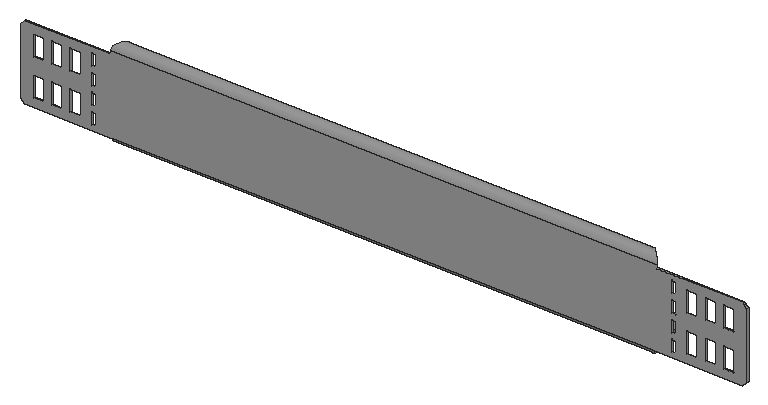
Revit family "Reduzierwinkel_Endabschluss RWEB 640 FS", category Generic Models, Revit 2017
Family settings
  Can host rebar = No
  Round Connector Dimension = Use Diameter
  Part Type = Normal
  Work Plane-Based = No
  Always vertical = Yes
  Cut with Voids When Loaded = No
  Shared = No
  Room Calculation Point = No
Parameters (values of type "RWEB 640 FS")
  URL = "http://www.obo-bettermann.com"
  Material = Strip galvanised
  Manufacturer Art.No. = "7109407"
  Manufacturer = "OBO BETTERMANN"
  GTIN = "4012196241873"
  Cut's number 3 = 3
  Cut's number 2 = 2
  Cut's number = 7
  Article Type = "RWEB 640 FS"
Reference planes
  plane 1 "Center (Front/Back)": y = 0
  plane 2: z = 0
  plane 3 "Center (Left/Right)": x = 0
  plane 4: y = 12.456
  plane 5: x = 495
  plane 6: x = 247.5
  plane 7: x = 73.96
  plane 8: x = 421.04
  plane 9: x = 247.5
  plane 10: x = 247.5
  plane 11: x = 421.04
  plane 12: x = 73.96
  plane 13: x = 73.755
  plane 14: x = 421.245
  plane 15: z = 2
  plane 16: z = 53
  plane 17: x = 73.755
  plane 18: x = 247.5
  plane 19: x = 73.96
  plane 20: x = 421.04
  plane 21: z = 27.5
  plane 22: y = 25
  plane 23: through (247.5, 25, 1200) normal (-0.7071, 0.7071, 0)
  plane 24: through (247.5, 25, 1200) normal (0.7071, -0.7071, 0)
  plane 25: y = 25
  plane 26: through (272.5, 25, 1200) normal (-0.7071, 0.7071, 0)
  plane 27: through (272.5, 25, 1200) normal (0.7071, -0.7071, 0)
  plane 28: y = 25
  plane 29: through (297.5, 25, 1200) normal (-0.7071, 0.7071, 0)
  plane 30: through (297.5, 25, 1200) normal (0.7071, -0.7071, 0)
  plane 31: y = 25
  plane 32: through (322.5, 25, 1200) normal (-0.7071, 0.7071, 0)
  plane 33: through (322.5, 25, 1200) normal (0.7071, -0.7071, 0)
  plane 34: y = 25
  plane 35: through (347.5, 25, 1200) normal (-0.7071, 0.7071, 0)
  plane 36: through (347.5, 25, 1200) normal (0.7071, -0.7071, 0)
  plane 37: y = 25
  plane 38: through (372.5, 25, 1200) normal (-0.7071, 0.7071, 0)
  plane 39: through (372.5, 25, 1200) normal (0.7071, -0.7071, 0)
  plane 40: y = 25
  plane 41: through (397.5, 25, 1200) normal (-0.7071, 0.7071, 0)
  plane 42: through (397.5, 25, 1200) normal (0.7071, -0.7071, 0)
  plane 43: y = 25
  plane 44: through (222.5, 25, 1200) normal (-0.7071, 0.7071, 0)
  plane 45: through (222.5, 25, 1200) normal (0.7071, -0.7071, 0)
  plane 46: y = 25
  plane 47: through (197.5, 25, 1200) normal (-0.7071, 0.7071, 0)
  plane 48: through (197.5, 25, 1200) normal (0.7071, -0.7071, 0)
  plane 49: y = 25
  plane 50: through (172.5, 25, 1200) normal (-0.7071, 0.7071, 0)
  plane 51: through (172.5, 25, 1200) normal (0.7071, -0.7071, 0)
  plane 52: y = 25
  plane 53: through (147.5, 25, 1200) normal (-0.7071, 0.7071, 0)
  plane 54: through (147.5, 25, 1200) normal (0.7071, -0.7071, 0)
  plane 55: y = 25
  plane 56: through (122.5, 25, 1200) normal (-0.7071, 0.7071, 0)
  plane 57: through (122.5, 25, 1200) normal (0.7071, -0.7071, 0)
  plane 58: y = 25
  plane 59: through (97.5, 25, 1200) normal (-0.7071, 0.7071, 0)
  plane 60: through (97.5, 25, 1200) normal (0.7071, -0.7071, 0)
  plane 61: z = 27.5
  plane 62: x = 12.5
  plane 63: z = 15
  plane 64: z = 52.5
  plane 65: x = 12.5
  plane 66: z = 40
  plane 67: z = 27.5
  plane 68: x = 24.97
  plane 69: z = 15
  plane 70: z = 52.5
  plane 71: x = 24.97
  plane 72: z = 40
  plane 73: z = 27.5
  plane 74: x = 37.441
  plane 75: z = 15
  plane 76: z = 52.5
  plane 77: x = 37.441
  plane 78: z = 40
  plane 79: z = 27.5
  plane 80: x = 482.5
  plane 81: z = 15
  plane 82: z = 52.5
  plane 83: x = 482.5
  plane 84: z = 40
  plane 85: z = 27.5
  plane 86: x = 470.03
  plane 87: z = 15
  plane 88: z = 52.5
  plane 89: x = 470.03
  plane 90: z = 40
  plane 91: z = 27.5
  plane 92: x = 457.559
  plane 93: z = 15
  plane 94: z = 52.5
  plane 95: x = 457.559
  plane 96: z = 40
  plane 97: x = 50
  plane 98: z = 49.5
  plane 99: x = 50
  plane 100: z = 37.456
  plane 101: x = 50
  plane 102: z = 25.462
  plane 103: x = 50
  plane 104: z = 13.467
  plane 105: x = 445
  plane 106: z = 49.5
  plane 107: x = 445
  plane 108: z = 37.456
  plane 109: x = 445
  plane 110: z = 25.462
  plane 111: x = 445
  plane 112: z = 13.467
Forms (mm)
  Extrusion 1, solid, material "Strip galvanised" <- "Material"
    sketch origin (0, 0, 0) x (0, 1, 0) y (0, 0, 1)
      loop
        line (2, 0) -> (40, 0) -> (40, 1) -> (2, 1)
        arc (2, 1) -> (1.293, 1.293) -> (1, 2) r 1
        line (1, 2) -> (1, 55)
        arc (1, 55) -> (3.708, 58.785) -> (8.165, 57.446) r 4
        line (8.165, 57.446) -> (11.749, 53.862) -> (12.456, 54.569) -> (8.914, 58.111)
        arc (8.914, 58.111) -> (3.353, 59.721) -> (0, 55) r 5
        line (0, 55) -> (0, 2)
        arc (0, 2) -> (0.586, 0.586) -> (2, 0) r 2
    from 0 to 495
  Extrusion 2, void
    sketch origin (0, 0, 0) x (1, 0, 0) y (0, 1, 0)
      loop
        line (73.96, 12.456) -> (0, 12.456) -> (0, 0) -> (61.504, 0) -> (73.96, 12.456)
    from 53.46 to 60.458
  Extrusion 3, void
    sketch origin (495, 0, 0) x (-1, 0, 0) y (0, -1, 0)
      loop
        line (73.96, -12.456) -> (61.504, 0) -> (0, 0) -> (0, -12.456) -> (73.96, -12.456)
    from 53 to 60.458
  Extrusion 4, void
    sketch origin (0, 0, 0) x (1, 0, 0) y (0, 1, 0)
      loop
        line (73.755, 40) -> (0, 40) -> (0, 1) -> (63.305, 1) -> (73.755, 40)
    from 0 to 1
  Extrusion 5, void
    sketch origin (495, 0, 0) x (-1, 0, 0) y (0, -1, 0)
      loop
        line (73.755, -40) -> (63.037, 0) -> (0, 0) -> (0, -40) -> (73.755, -40)
    from 0 to 2
  Extrusion 6, void
    sketch origin (0, 0, 0) x (1, 0, 0) y (0, 1, 0)
      loop
        line (73.755, 40) -> (0, 40) -> (0, 0) -> (63.037, 0) -> (73.755, 40)
    from 0 to 2
  Extrusion 7, void
    sketch origin (0, 0, 0) x (1, 0, 0) y (0, 1, 0)
      loop
        line (73.96, 12.456) -> (0, 12.456) -> (0, 0) -> (61.504, 0) -> (73.96, 12.456)
    from 53 to 60.458
  Extrusion 8, void
    sketch origin (0, 0, 0) x (1, 0, 0) y (0, 0, 1)
      loop
        line (0, 53) -> (0, 49.962) -> (3.038, 53) -> (0, 53)
    from 0 to -1
  Extrusion 9, void
    sketch origin (495, 0, 0) x (-1, 0, 0) y (0, 0, -1)
      loop
        line (0, -53) -> (3.038, -53) -> (0, -49.962) -> (0, -53)
    from 0 to -1
  Extrusion 10, void
    sketch origin (495, 0, 55) x (-1, 0, 0) y (0, 0, -1)
      loop
        line (0, 53) -> (0, 49.962) -> (3.038, 53) -> (0, 53)
    from 0 to -1
  Extrusion 11, void
    sketch origin (0, 0, 55) x (1, 0, 0) y (0, 0, 1)
      loop
        line (0, -53) -> (3.038, -53) -> (0, -49.962) -> (0, -53)
    from 0 to -1
  Extrusion 12, void
    sketch origin (0, 0, 0) x (1, 0, 0) y (0, 1, 0)
      loop
        line (253.887, 36.312) -> (236.207, 18.632)
        arc (236.207, 18.632) -> (236.19, 13.677) -> (241.146, 13.693) r 3.492
        line (241.146, 13.693) -> (258.825, 31.373)
        arc (258.825, 31.373) -> (258.825, 36.312) -> (253.887, 36.312) r 3.492
    from 0 to 1
  Extrusion 13, void
    sketch origin (25, 0, 0) x (1, 0, 0) y (0, 1, 0)
      loop
        line (253.887, 36.312) -> (236.207, 18.632)
        arc (236.207, 18.632) -> (236.19, 13.677) -> (241.146, 13.693) r 3.492
        line (241.146, 13.693) -> (258.825, 31.373)
        arc (258.825, 31.373) -> (258.825, 36.312) -> (253.887, 36.312) r 3.492
    from 0 to 1
  Extrusion 14, void
    sketch origin (50, 0, 0) x (1, 0, 0) y (0, 1, 0)
      loop
        line (253.887, 36.312) -> (236.207, 18.632)
        arc (236.207, 18.632) -> (236.19, 13.677) -> (241.146, 13.693) r 3.492
        line (241.146, 13.693) -> (258.825, 31.373)
        arc (258.825, 31.373) -> (258.825, 36.312) -> (253.887, 36.312) r 3.492
    from 0 to 1
  Extrusion 15, void
    sketch origin (75, 0, 0) x (1, 0, 0) y (0, 1, 0)
      loop
        line (253.887, 36.312) -> (236.207, 18.632)
        arc (236.207, 18.632) -> (236.19, 13.677) -> (241.146, 13.693) r 3.492
        line (241.146, 13.693) -> (258.825, 31.373)
        arc (258.825, 31.373) -> (258.825, 36.312) -> (253.887, 36.312) r 3.492
    from 0 to 1
  Extrusion 16, void
    sketch origin (100, 0, 0) x (1, 0, 0) y (0, 1, 0)
      loop
        line (253.887, 36.312) -> (236.207, 18.632)
        arc (236.207, 18.632) -> (236.19, 13.677) -> (241.146, 13.693) r 3.492
        line (241.146, 13.693) -> (258.825, 31.373)
        arc (258.825, 31.373) -> (258.825, 36.312) -> (253.887, 36.312) r 3.492
    from 0 to 1
  Extrusion 17, void
    sketch origin (125, 0, 0) x (1, 0, 0) y (0, 1, 0)
      loop
        line (253.887, 36.312) -> (236.207, 18.632)
        arc (236.207, 18.632) -> (236.19, 13.677) -> (241.146, 13.693) r 3.492
        line (241.146, 13.693) -> (258.825, 31.373)
        arc (258.825, 31.373) -> (258.825, 36.312) -> (253.887, 36.312) r 3.492
    from 0 to 1
  Extrusion 18, void
    sketch origin (150, 0, 0) x (1, 0, 0) y (0, 1, 0)
      loop
        line (253.887, 36.312) -> (236.207, 18.632)
        arc (236.207, 18.632) -> (236.19, 13.677) -> (241.146, 13.693) r 3.492
        line (241.146, 13.693) -> (258.825, 31.373)
        arc (258.825, 31.373) -> (258.825, 36.312) -> (253.887, 36.312) r 3.492
    from 0 to 1
  Extrusion 19, void
    sketch origin (-25, 0, 0) x (1, 0, 0) y (0, 1, 0)
      loop
        line (253.887, 36.312) -> (236.207, 18.632)
        arc (236.207, 18.632) -> (236.19, 13.677) -> (241.146, 13.693) r 3.492
        line (241.146, 13.693) -> (258.825, 31.373)
        arc (258.825, 31.373) -> (258.825, 36.312) -> (253.887, 36.312) r 3.492
    from 0 to 1
  Extrusion 20, void
    sketch origin (-50, 0, 0) x (1, 0, 0) y (0, 1, 0)
      loop
        line (253.887, 36.312) -> (236.207, 18.632)
        arc (236.207, 18.632) -> (236.19, 13.677) -> (241.146, 13.693) r 3.492
        line (241.146, 13.693) -> (258.825, 31.373)
        arc (258.825, 31.373) -> (258.825, 36.312) -> (253.887, 36.312) r 3.492
    from 0 to 1
  Extrusion 21, void
    sketch origin (-75, 0, 0) x (1, 0, 0) y (0, 1, 0)
      loop
        line (253.887, 36.312) -> (236.207, 18.632)
        arc (236.207, 18.632) -> (236.19, 13.677) -> (241.146, 13.693) r 3.492
        line (241.146, 13.693) -> (258.825, 31.373)
        arc (258.825, 31.373) -> (258.825, 36.312) -> (253.887, 36.312) r 3.492
    from 0 to 1
  Extrusion 22, void
    sketch origin (-100, 0, 0) x (1, 0, 0) y (0, 1, 0)
      loop
        line (253.887, 36.312) -> (236.207, 18.632)
        arc (236.207, 18.632) -> (236.19, 13.677) -> (241.146, 13.693) r 3.492
        line (241.146, 13.693) -> (258.825, 31.373)
        arc (258.825, 31.373) -> (258.825, 36.312) -> (253.887, 36.312) r 3.492
    from 0 to 1
  Extrusion 23, void
    sketch origin (-125, 0, 0) x (1, 0, 0) y (0, 1, 0)
      loop
        line (253.887, 36.312) -> (236.207, 18.632)
        arc (236.207, 18.632) -> (236.19, 13.677) -> (241.146, 13.693) r 3.492
        line (241.146, 13.693) -> (258.825, 31.373)
        arc (258.825, 31.373) -> (258.825, 36.312) -> (253.887, 36.312) r 3.492
    from 0 to 1
  Extrusion 24, void
    sketch origin (-150, 0, 0) x (1, 0, 0) y (0, 1, 0)
      loop
        line (253.887, 36.312) -> (236.207, 18.632)
        arc (236.207, 18.632) -> (236.19, 13.677) -> (241.146, 13.693) r 3.492
        line (241.146, 13.693) -> (258.825, 31.373)
        arc (258.825, 31.373) -> (258.825, 36.312) -> (253.887, 36.312) r 3.492
    from 0 to 1
  Extrusion 25, void
    sketch origin (0, 0, 0) x (1, 0, 0) y (0, 0, 1)
      loop
        line (9, 22) -> (9, 8) -> (16, 8) -> (16, 22) -> (9, 22)
    from 0 to -1
  Extrusion 26, void
    sketch origin (0, 0, 25) x (1, 0, 0) y (0, 0, 1)
      loop
        line (9, 22) -> (9, 8) -> (16, 8) -> (16, 22) -> (9, 22)
    from 0 to -1
  Extrusion 27, void
    sketch origin (12.47, 0, 0) x (1, 0, 0) y (0, 0, 1)
      loop
        line (9, 22) -> (9, 8) -> (16, 8) -> (16, 22) -> (9, 22)
    from 0 to -1
  Extrusion 28, void
    sketch origin (12.47, 0, 25) x (1, 0, 0) y (0, 0, 1)
      loop
        line (9, 22) -> (9, 8) -> (16, 8) -> (16, 22) -> (9, 22)
    from 0 to -1
  Extrusion 29, void
    sketch origin (24.941, 0, 0) x (1, 0, 0) y (0, 0, 1)
      loop
        line (9, 22) -> (9, 8) -> (16, 8) -> (16, 22) -> (9, 22)
    from 0 to -1
  Extrusion 30, void
    sketch origin (24.941, 0, 25) x (1, 0, 0) y (0, 0, 1)
      loop
        line (9, 22) -> (9, 8) -> (16, 8) -> (16, 22) -> (9, 22)
    from 0 to -1
  Extrusion 31, void
    sketch origin (495, 0, 0) x (-1, 0, 0) y (0, 0, -1)
      loop
        line (9, -22) -> (16, -22) -> (16, -8) -> (9, -8) -> (9, -22)
    from 0 to -1
  Extrusion 32, void
    sketch origin (495, 0, 25) x (-1, 0, 0) y (0, 0, -1)
      loop
        line (9, -22) -> (16, -22) -> (16, -8) -> (9, -8) -> (9, -22)
    from 0 to -1
  Extrusion 33, void
    sketch origin (482.53, 0, 0) x (-1, 0, 0) y (0, 0, -1)
      loop
        line (9, -22) -> (16, -22) -> (16, -8) -> (9, -8) -> (9, -22)
    from 0 to -1
  Extrusion 34, void
    sketch origin (482.53, 0, 25) x (-1, 0, 0) y (0, 0, -1)
      loop
        line (9, -22) -> (16, -22) -> (16, -8) -> (9, -8) -> (9, -22)
    from 0 to -1
  Extrusion 35, void
    sketch origin (470.059, 0, 0) x (-1, 0, 0) y (0, 0, -1)
      loop
        line (9, -22) -> (16, -22) -> (16, -8) -> (9, -8) -> (9, -22)
    from 0 to -1
  Extrusion 36, void
    sketch origin (470.059, 0, 25) x (-1, 0, 0) y (0, 0, -1)
      loop
        line (9, -22) -> (16, -22) -> (16, -8) -> (9, -8) -> (9, -22)
    from 0 to -1
  Extrusion 37, void
    sketch origin (0, 0, 0) x (1, 0, 0) y (0, 0, 1)
      loop
        line (48.75, 49.5) -> (48.75, 41.5) -> (51.25, 41.5) -> (51.25, 49.5) -> (48.75, 49.5)
    from 0 to -1
  Extrusion 38, void
    sketch origin (0, 0, -12.044) x (1, 0, 0) y (0, 0, 1)
      loop
        line (48.75, 49.5) -> (48.75, 41.5) -> (51.25, 41.5) -> (51.25, 49.5) -> (48.75, 49.5)
    from 0 to -1
  Extrusion 39, void
    sketch origin (0, 0, -24.038) x (1, 0, 0) y (0, 0, 1)
      loop
        line (48.75, 49.5) -> (48.75, 41.5) -> (51.25, 41.5) -> (51.25, 49.5) -> (48.75, 49.5)
    from 0 to -1
  Extrusion 40, void
    sketch origin (0, 0, -36.033) x (1, 0, 0) y (0, 0, 1)
      loop
        line (48.75, 49.5) -> (48.75, 41.5) -> (51.25, 41.5) -> (51.25, 49.5) -> (48.75, 49.5)
    from 0 to -1
  Extrusion 41, void
    sketch origin (495, 0, 0) x (-1, 0, 0) y (0, 0, -1)
      loop
        line (48.75, -49.5) -> (51.25, -49.5) -> (51.25, -41.5) -> (48.75, -41.5) -> (48.75, -49.5)
    from 0 to -1
  Extrusion 42, void
    sketch origin (495, 0, -12.044) x (-1, 0, 0) y (0, 0, -1)
      loop
        line (48.75, -49.5) -> (51.25, -49.5) -> (51.25, -41.5) -> (48.75, -41.5) -> (48.75, -49.5)
    from 0 to -1
  Extrusion 43, void
    sketch origin (495, 0, -24.038) x (-1, 0, 0) y (0, 0, -1)
      loop
        line (48.75, -49.5) -> (51.25, -49.5) -> (51.25, -41.5) -> (48.75, -41.5) -> (48.75, -49.5)
    from 0 to -1
  Extrusion 44, void
    sketch origin (495, 0, -36.033) x (-1, 0, 0) y (0, 0, -1)
      loop
        line (48.75, -49.5) -> (51.25, -49.5) -> (51.25, -41.5) -> (48.75, -41.5) -> (48.75, -49.5)
    from 0 to -1
Cuts and joins
  Extrusion 2, Extrusion 3, Extrusion 4, Extrusion 5, Extrusion 6, Extrusion 7, Extrusion 8, Extrusion 9, Extrusion 10, Extrusion 11, Extrusion 12, Extrusion 13, Extrusion 14, Extrusion 15, Extrusion 16, Extrusion 17, Extrusion 18, Extrusion 19, Extrusion 20, Extrusion 21, Extrusion 22, Extrusion 23, Extrusion 24, Extrusion 25, Extrusion 26, Extrusion 27, Extrusion 28, Extrusion 29, Extrusion 30, Extrusion 31, Extrusion 32, Extrusion 33, Extrusion 34, Extrusion 35, Extrusion 36, Extrusion 37, Extrusion 38, Extrusion 39, Extrusion 40, Extrusion 41, Extrusion 42, Extrusion 43, Extrusion 44 cuts Extrusion 1
Dimensions and locks
  locked: plane 1 "Center (Front/Back)" to plane 4 at 12.456
  locked: Extrusion 1 sketch curve to Extrusion 1 sketch curve at 1  (x3)
  locked: Extrusion 1 sketch curve to Extrusion 1 sketch curve at 40
  locked: plane 1 "Center (Front/Back)" to Extrusion 1 sketch curve at 12.456
  locked: Extrusion 1 sketch curve to Extrusion 1 sketch curve at 60
  locked: plane 3 "Center (Left/Right)" to plane 5 at 495
  locked: plane 3 "Center (Left/Right)" to plane 6 at 247.5
  locked: cut or joined group 1 (Extrusion 1, Extrusion 2, Extrusion 3, Extrusion 4, Extrusion 5, Extrusion 6, Extrusion 7, Extrusion 8, Extrusion 9, Extrusion 10, Extrusion 11, Extrusion 12, Extrusion 13, Extrusion 14, Extrusion 15, Extrusion 16, Extrusion 17, Extrusion 18, Extrusion 19, Extrusion 20, Extrusion 21, Extrusion 22, Extrusion 23, Extrusion 24, Extrusion 25, Extrusion 26, Extrusion 27, Extrusion 28, Extrusion 29, Extrusion 30, Extrusion 31, Extrusion 32, Extrusion 33, Extrusion 34, Extrusion 35, Extrusion 36, Extrusion 37, Extrusion 38, Extrusion 39, Extrusion 40, Extrusion 41, Extrusion 42, Extrusion 43, Extrusion 44) to plane 15 at 2
  locked: plane 16 to plane 15 at 51
  locked: Extrusion 12 sketch curve to Extrusion 12 sketch curve at 6.984
  locked: Extrusion 12 sketch curve to plane 22 at 12.335
  locked: plane 22 to Extrusion 12 sketch curve at 12.346
  locked: Extrusion 13 sketch curve to Extrusion 13 sketch curve at 6.984
  locked: Extrusion 13 sketch curve to plane 25 at 12.335
  locked: plane 25 to Extrusion 13 sketch curve at 12.346
  locked: Extrusion 14 sketch curve to Extrusion 14 sketch curve at 6.984
  locked: Extrusion 14 sketch curve to plane 28 at 12.335
  locked: plane 28 to Extrusion 14 sketch curve at 12.346
  locked: Extrusion 15 sketch curve to Extrusion 15 sketch curve at 6.984
  locked: Extrusion 15 sketch curve to plane 31 at 12.335
  locked: plane 31 to Extrusion 15 sketch curve at 12.346
  locked: Extrusion 16 sketch curve to Extrusion 16 sketch curve at 6.984
  locked: Extrusion 16 sketch curve to plane 34 at 12.335
  locked: plane 34 to Extrusion 16 sketch curve at 12.346
  locked: Extrusion 17 sketch curve to Extrusion 17 sketch curve at 6.984
  locked: Extrusion 17 sketch curve to plane 37 at 12.335
  locked: plane 37 to Extrusion 17 sketch curve at 12.346
  locked: Extrusion 18 sketch curve to Extrusion 18 sketch curve at 6.984
  locked: Extrusion 18 sketch curve to plane 40 at 12.335
  locked: plane 40 to Extrusion 18 sketch curve at 12.346
  locked: Extrusion 19 sketch curve to Extrusion 19 sketch curve at 6.984
  locked: Extrusion 19 sketch curve to plane 43 at 12.335
  locked: plane 43 to Extrusion 19 sketch curve at 12.346
  equal spacing: group 13, group 12, group 11, group 10, group 9, group 8, group 7
  equal spacing: group 7, group 8, group 9, group 10, group 11, group 12, group 13  (x2)
  locked: Extrusion 20 sketch curve to Extrusion 20 sketch curve at 6.984
  locked: Extrusion 20 sketch curve to plane 46 at 12.335
  locked: plane 46 to Extrusion 20 sketch curve at 12.346
  locked: Extrusion 21 sketch curve to Extrusion 21 sketch curve at 6.984
  locked: Extrusion 21 sketch curve to plane 49 at 12.335
  locked: plane 49 to Extrusion 21 sketch curve at 12.346
  locked: Extrusion 22 sketch curve to Extrusion 22 sketch curve at 6.984
  locked: Extrusion 22 sketch curve to plane 52 at 12.335
  locked: plane 52 to Extrusion 22 sketch curve at 12.346
  locked: Extrusion 23 sketch curve to Extrusion 23 sketch curve at 6.984
  locked: Extrusion 23 sketch curve to plane 55 at 12.335
  locked: plane 55 to Extrusion 23 sketch curve at 12.346
  locked: Extrusion 24 sketch curve to Extrusion 24 sketch curve at 6.984
  locked: Extrusion 24 sketch curve to plane 58 at 12.335
  locked: plane 58 to Extrusion 24 sketch curve at 12.346
  locked: Extrusion 25 sketch curve to Extrusion 25 sketch curve at 7
  locked: plane 62 to Extrusion 25 sketch curve at 3.5
  locked: Extrusion 25 sketch curve to Extrusion 25 sketch curve at 14
  locked: Extrusion 25 sketch curve to plane 63 at 7
  locked: Extrusion 26 sketch curve to Extrusion 26 sketch curve at 7
  locked: plane 65 to Extrusion 26 sketch curve at 3.5
  locked: Extrusion 26 sketch curve to Extrusion 26 sketch curve at 14
  locked: Extrusion 26 sketch curve to plane 66 at 7
  locked: Extrusion 27 sketch curve to Extrusion 27 sketch curve at 7
  locked: plane 68 to Extrusion 27 sketch curve at 3.5
  locked: Extrusion 27 sketch curve to Extrusion 27 sketch curve at 14
  locked: Extrusion 27 sketch curve to plane 69 at 7
  locked: Extrusion 28 sketch curve to Extrusion 28 sketch curve at 7
  locked: plane 71 to Extrusion 28 sketch curve at 3.5
  locked: Extrusion 28 sketch curve to Extrusion 28 sketch curve at 14
  locked: Extrusion 28 sketch curve to plane 72 at 7
  locked: Extrusion 29 sketch curve to Extrusion 29 sketch curve at 7
  locked: plane 74 to Extrusion 29 sketch curve at 3.5
  locked: Extrusion 29 sketch curve to Extrusion 29 sketch curve at 14
  locked: Extrusion 29 sketch curve to plane 75 at 7
  locked: Extrusion 30 sketch curve to Extrusion 30 sketch curve at 7
  locked: plane 77 to Extrusion 30 sketch curve at 3.5
  locked: Extrusion 30 sketch curve to Extrusion 30 sketch curve at 14
  locked: Extrusion 30 sketch curve to plane 78 at 7
  locked: Extrusion 31 sketch curve to Extrusion 31 sketch curve at 7
  locked: plane 80 to Extrusion 31 sketch curve at 3.5
  locked: Extrusion 31 sketch curve to Extrusion 31 sketch curve at 14
  locked: plane 81 to Extrusion 31 sketch curve at 7
  locked: Extrusion 32 sketch curve to Extrusion 32 sketch curve at 7
  locked: plane 83 to Extrusion 32 sketch curve at 3.5
  locked: Extrusion 32 sketch curve to Extrusion 32 sketch curve at 14
  locked: plane 84 to Extrusion 32 sketch curve at 7
  locked: Extrusion 33 sketch curve to Extrusion 33 sketch curve at 7
  locked: plane 86 to Extrusion 33 sketch curve at 3.5
  locked: Extrusion 33 sketch curve to Extrusion 33 sketch curve at 14
  locked: plane 87 to Extrusion 33 sketch curve at 7
  locked: Extrusion 34 sketch curve to Extrusion 34 sketch curve at 7
  locked: plane 89 to Extrusion 34 sketch curve at 3.5
  locked: Extrusion 34 sketch curve to Extrusion 34 sketch curve at 14
  locked: plane 90 to Extrusion 34 sketch curve at 7
  locked: Extrusion 35 sketch curve to Extrusion 35 sketch curve at 7
  locked: plane 92 to Extrusion 35 sketch curve at 3.5
  locked: Extrusion 35 sketch curve to Extrusion 35 sketch curve at 14
  locked: plane 93 to Extrusion 35 sketch curve at 7
  locked: Extrusion 36 sketch curve to Extrusion 36 sketch curve at 7
  locked: plane 95 to Extrusion 36 sketch curve at 3.5
  locked: Extrusion 36 sketch curve to Extrusion 36 sketch curve at 14
  locked: Extrusion 36 sketch curve to plane 96 at 7
  locked: Extrusion 37 sketch curve to Extrusion 37 sketch curve at 2.5
  locked: plane 97 to Extrusion 37 sketch curve at 1.25
  locked: Extrusion 37 sketch curve to Extrusion 37 sketch curve at 8
  locked: Extrusion 38 sketch curve to Extrusion 38 sketch curve at 2.5
  locked: plane 99 to Extrusion 38 sketch curve at 1.25
  locked: Extrusion 38 sketch curve to Extrusion 38 sketch curve at 8
  locked: Extrusion 39 sketch curve to Extrusion 39 sketch curve at 2.5
  locked: plane 101 to Extrusion 39 sketch curve at 1.25
  locked: Extrusion 39 sketch curve to Extrusion 39 sketch curve at 8
  locked: Extrusion 40 sketch curve to Extrusion 40 sketch curve at 2.5
  locked: plane 103 to Extrusion 40 sketch curve at 1.25
  locked: Extrusion 40 sketch curve to Extrusion 40 sketch curve at 8
  locked: Extrusion 41 sketch curve to Extrusion 41 sketch curve at 2.5
  locked: plane 105 to Extrusion 41 sketch curve at 1.25
  locked: Extrusion 41 sketch curve to Extrusion 41 sketch curve at 8
  locked: Extrusion 42 sketch curve to Extrusion 42 sketch curve at 2.5
  locked: plane 107 to Extrusion 42 sketch curve at 1.25
  locked: Extrusion 42 sketch curve to Extrusion 42 sketch curve at 8
  locked: Extrusion 43 sketch curve to Extrusion 43 sketch curve at 2.5
  locked: plane 109 to Extrusion 43 sketch curve at 1.25
  locked: Extrusion 43 sketch curve to Extrusion 43 sketch curve at 8
  locked: Extrusion 44 sketch curve to Extrusion 44 sketch curve at 2.5
  locked: plane 111 to Extrusion 44 sketch curve at 1.25
  locked: Extrusion 44 sketch curve to Extrusion 44 sketch curve at 8
  radius of Extrusion 1 sketch curve = 4 mm
  aligned and locked: level to plane 2
  aligned and locked: Extrusion 1 to level
  aligned and locked: plane 1 "Center (Front/Back)" to Extrusion 1
  aligned and locked: plane 5 to Extrusion 1
  aligned and locked: Extrusion 1 to plane 3 "Center (Left/Right)"
  aligned and locked: Extrusion 4 sketch curve to cut or joined group 1
  aligned and locked: cut or joined group 1 to Extrusion 4 sketch curve
  aligned and locked: plane 3 "Center (Left/Right)" to Extrusion 4 sketch curve
  aligned and locked: Extrusion 4 to level
  aligned and locked: Extrusion 4 to Extrusion 1
  aligned and locked: Extrusion 5 to plane 15
  aligned and locked: Extrusion 3 to plane 16
  aligned and locked: plane 1 "Center (Front/Back)" to Extrusion 8
  aligned and locked: Extrusion 1 to Extrusion 8
  aligned and locked: Extrusion 12 to level
  aligned and locked: Extrusion 1 to Extrusion 12
  aligned and locked: plane 1 "Center (Front/Back)" to Extrusion 25
  aligned and locked: Extrusion 1 to Extrusion 25
  aligned and locked: plane 1 "Center (Front/Back)" to Extrusion 37
  aligned and locked: Extrusion 1 to Extrusion 37
Automatic sketch dimensions
  Extrusion 12 sketch curve to Extrusion 12 sketch curve = 2.453 mm  (x2)
  Extrusion 12 sketch curve to Extrusion 12 sketch curve = 2.469 mm
  plane 23 to Extrusion 12 sketch curve = 3.483 mm
  Extrusion 13 sketch curve to Extrusion 13 sketch curve = 2.453 mm  (x2)
  Extrusion 13 sketch curve to Extrusion 13 sketch curve = 2.469 mm
  plane 26 to Extrusion 13 sketch curve = 3.483 mm
  Extrusion 14 sketch curve to Extrusion 14 sketch curve = 2.453 mm  (x2)
  Extrusion 14 sketch curve to Extrusion 14 sketch curve = 2.469 mm
  plane 29 to Extrusion 14 sketch curve = 3.483 mm
  Extrusion 15 sketch curve to Extrusion 15 sketch curve = 2.453 mm  (x2)
  Extrusion 15 sketch curve to Extrusion 15 sketch curve = 2.469 mm
  plane 32 to Extrusion 15 sketch curve = 3.483 mm
  Extrusion 16 sketch curve to Extrusion 16 sketch curve = 2.453 mm  (x2)
  Extrusion 16 sketch curve to Extrusion 16 sketch curve = 2.469 mm
  plane 35 to Extrusion 16 sketch curve = 3.483 mm
  Extrusion 17 sketch curve to Extrusion 17 sketch curve = 2.453 mm  (x2)
  Extrusion 17 sketch curve to Extrusion 17 sketch curve = 2.469 mm
  plane 38 to Extrusion 17 sketch curve = 3.483 mm
  Extrusion 18 sketch curve to Extrusion 18 sketch curve = 2.453 mm  (x2)
  Extrusion 18 sketch curve to Extrusion 18 sketch curve = 2.469 mm
  plane 41 to Extrusion 18 sketch curve = 3.483 mm
  Extrusion 19 sketch curve to Extrusion 19 sketch curve = 2.453 mm  (x2)
  Extrusion 19 sketch curve to Extrusion 19 sketch curve = 2.469 mm
  plane 44 to Extrusion 19 sketch curve = 3.483 mm
  Extrusion 20 sketch curve to Extrusion 20 sketch curve = 2.453 mm  (x2)
  Extrusion 20 sketch curve to Extrusion 20 sketch curve = 2.469 mm
  plane 47 to Extrusion 20 sketch curve = 3.483 mm
  Extrusion 21 sketch curve to Extrusion 21 sketch curve = 2.453 mm  (x2)
  Extrusion 21 sketch curve to Extrusion 21 sketch curve = 2.469 mm
  plane 50 to Extrusion 21 sketch curve = 3.483 mm
  Extrusion 22 sketch curve to Extrusion 22 sketch curve = 2.453 mm  (x2)
  Extrusion 22 sketch curve to Extrusion 22 sketch curve = 2.469 mm
  plane 53 to Extrusion 22 sketch curve = 3.483 mm
  Extrusion 23 sketch curve to Extrusion 23 sketch curve = 2.453 mm  (x2)
  Extrusion 23 sketch curve to Extrusion 23 sketch curve = 2.469 mm
  plane 56 to Extrusion 23 sketch curve = 3.483 mm
  Extrusion 24 sketch curve to Extrusion 24 sketch curve = 2.453 mm  (x2)
  Extrusion 24 sketch curve to Extrusion 24 sketch curve = 2.469 mm
  plane 59 to Extrusion 24 sketch curve = 3.483 mm
  Extrusion 37 sketch curve to plane 98 = 0 mm
  Extrusion 38 sketch curve to plane 100 = 0 mm
  Extrusion 39 sketch curve to plane 102 = 0 mm
  Extrusion 40 sketch curve to plane 104 = 0 mm
  Extrusion 1 sketch curve to Extrusion 1 sketch curve = 0 mm  (x4)
  Extrusion 1 sketch curve to plane 1 "Center (Front/Back)" = 0 mm
  Extrusion 1 sketch curve to plane 15 = 0 mm
  Extrusion 1 sketch curve to level = 0 mm
  Extrusion 1 sketch curve to Extrusion 1 sketch curve = 3.165 mm
  level to Extrusion 1 sketch curve = 58.111 mm
  Extrusion 2 sketch curve to plane 3 "Center (Left/Right)" = 0 mm
  plane 1 "Center (Front/Back)" to Extrusion 2 sketch curve = 0 mm
  Extrusion 2 sketch curve to plane 7 = 0 mm
  Extrusion 2 sketch curve to plane 7 = 12.456 mm
  Extrusion 2 sketch curve to plane 1 "Center (Front/Back)" = 12.456 mm
  Extrusion 3 sketch curve to plane 5 = 0 mm
  plane 1 "Center (Front/Back)" to Extrusion 3 sketch curve = 0 mm
  Extrusion 3 sketch curve to plane 11 = 0 mm
  plane 11 to Extrusion 3 sketch curve = 12.456 mm
  plane 1 "Center (Front/Back)" to Extrusion 3 sketch curve = 12.456 mm
  Extrusion 4 sketch curve to plane 13 = 0 mm
  Extrusion 4 sketch curve to plane 13 = 10.45 mm
  Extrusion 5 sketch curve to plane 5 = 0 mm
  plane 1 "Center (Front/Back)" to Extrusion 5 sketch curve = 0 mm
  Extrusion 5 sketch curve to plane 14 = 0 mm
  plane 14 to Extrusion 5 sketch curve = 10.718 mm
  plane 1 "Center (Front/Back)" to Extrusion 5 sketch curve = 40 mm
  Extrusion 6 sketch curve to plane 3 "Center (Left/Right)" = 0 mm
  plane 1 "Center (Front/Back)" to Extrusion 6 sketch curve = 0 mm
  Extrusion 6 sketch curve to plane 17 = 0 mm
  Extrusion 6 sketch curve to plane 17 = 10.718 mm
  Extrusion 6 sketch curve to plane 1 "Center (Front/Back)" = 40 mm
  Extrusion 7 sketch curve to plane 3 "Center (Left/Right)" = 0 mm
  plane 1 "Center (Front/Back)" to Extrusion 7 sketch curve = 0 mm
  Extrusion 7 sketch curve to plane 19 = 0 mm
  Extrusion 7 sketch curve to plane 19 = 12.456 mm
  Extrusion 7 sketch curve to Extrusion 7 sketch curve = 12.456 mm
  Extrusion 8 sketch curve to plane 3 "Center (Left/Right)" = 0 mm
  Extrusion 8 sketch curve to plane 16 = 0 mm
  plane 3 "Center (Left/Right)" to Extrusion 8 sketch curve = 3.038 mm
  Extrusion 8 sketch curve to plane 16 = 3.038 mm
  Extrusion 9 sketch curve to plane 5 = 0 mm
  Extrusion 9 sketch curve to plane 16 = 0 mm
  Extrusion 9 sketch curve to Extrusion 9 sketch curve = 3.038 mm
  plane 16 to Extrusion 9 sketch curve = 3.038 mm
  Extrusion 10 sketch curve to plane 5 = 0 mm
  Extrusion 10 sketch curve to plane 15 = 0 mm
  Extrusion 10 sketch curve to Extrusion 10 sketch curve = 3.038 mm
  plane 15 to Extrusion 10 sketch curve = 3.038 mm
  Extrusion 11 sketch curve to plane 3 "Center (Left/Right)" = 0 mm
  Extrusion 11 sketch curve to plane 15 = 0 mm
  Extrusion 11 sketch curve to plane 3 "Center (Left/Right)" = 3.038 mm
  Extrusion 11 sketch curve to plane 15 = 3.038 mm
  Extrusion 41 sketch curve to plane 106 = 0 mm
  Extrusion 42 sketch curve to plane 108 = 0 mm
  Extrusion 43 sketch curve to plane 110 = 0 mm
  Extrusion 44 sketch curve to plane 112 = 0 mm
